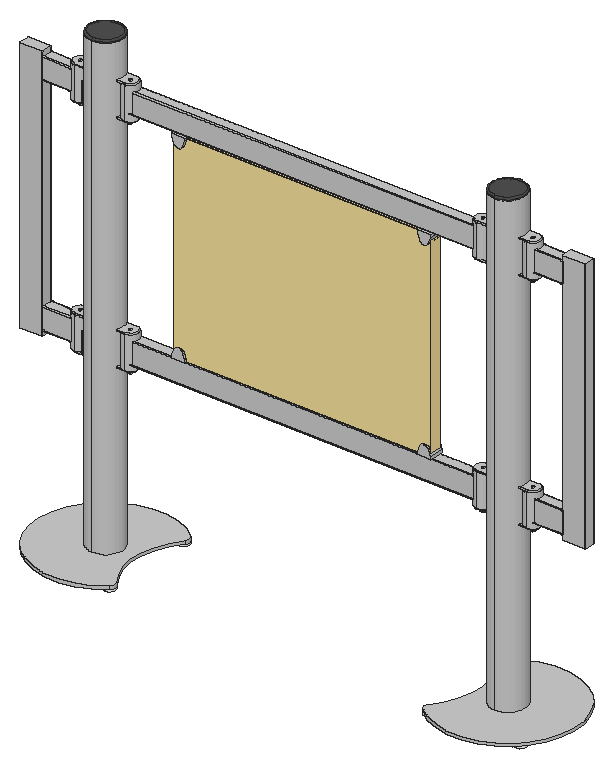
Revit family "PQR-341-PNL", category Furniture, Revit 2021
Family settings
  OmniClass Number = 23.40.20.00
  OmniClass Title = General Furniture and Specialties
  Work Plane-Based = No
  Always vertical = Yes
  Cut with Voids When Loaded = No
  Shared = No
  Room Calculation Point = No
Parameters
  W = 3' - 0"
  Frame [instance] = CEN_Frame_Metallic Silver Powdercoat (MS)
  Panel [instance] = Render Material 255-223-127
  Model = "PQR-341-PNL"
  End pieces on/off R [instance] = yes
  End pieces on/off L [instance] = yes
  Default Elevation = 0' - 0"
Reference planes (in)
  plane 1 "Center Front/Back": y = 0
  plane 2: z = 0
  plane 3 "Center Left/Right": x = 0
  plane 4: x = -18
  plane 5: x = 18
  plane 6: x = -11.5
  plane 7: x = 11.5
  plane 8: x = -15.5
  plane 9: x = 15.5
Forms (in)
  Extrusion 1, solid, material "CEN_Frame_Metallic Silver Powdercoat (MS)" <- "Frame"
    sketch origin (-23.29168, 0.50272, 36.0271) x (0, -1, 0) y (0, 0, 1)
      loop
        line (1, 0) -> (1, 1.78554)
        arc (1, 1.78554) -> (0.98091, 1.83163) -> (0.93482, 1.85072) r 0.06518
        line (0.93482, 1.85072) -> (0.06518, 1.85072)
        arc (0.06518, 1.85072) -> (0.01909, 1.83163) -> (0, 1.78554) r 0.06518
        line (0, 1.78554) -> (0, 0)
        arc (0, 0) -> (0.01909, -0.04609) -> (0.06518, -0.06518) r 0.06518
        line (0.06518, -0.06518) -> (0.93482, -0.06518)
        arc (0.93482, -0.06518) -> (0.98091, -0.04609) -> (1, 0) r 0.06518
      loop
        line (1, -20.08373) -> (1, -18.21446)
        arc (1, -18.21446) -> (0.98091, -18.16837) -> (0.93482, -18.14928) r 0.06518
        line (0.93482, -18.14928) -> (0.06518, -18.14928)
        arc (0.06518, -18.14928) -> (0.01909, -18.16837) -> (0, -18.21446) r 0.06518
        line (0, -18.21446) -> (0, -20.08373)
        arc (0, -20.08373) -> (0.01909, -20.12982) -> (0.06518, -20.14891) r 0.06518
        line (0.06518, -20.14891) -> (0.93482, -20.14891)
        arc (0.93482, -20.14891) -> (0.98091, -20.12982) -> (1, -20.08373) r 0.06518
    from -7.79168 to -38.79168
  Extrusion 2, solid, material "Render Material 255-223-127" <- "Panel"
    sketch origin (0, 0, 0) x (0, 1, 0) y (0, 0, 1)
      loop
        line (0.5, 17.96904) -> (0.5, 35.78154) -> (0.4375, 35.78154) -> (-0.4375, 35.78154) -> (-0.5, 35.78154) -> (-0.5, 17.96904) -> (-0.4375, 17.96904) -> (0.4375, 17.96904) -> (0.5, 17.96904)
    from -11.5 to 11.5
  Extrusion 3, solid, material "CEN_Frame_Metallic Silver Powdercoat (MS)" <- "Frame"
    sketch origin (0, 0, 0) x (1, 0, 0) y (0, 0, 1)
      loop
        line (-10.4145, 35.87529) -> (-11.5855, 35.87529) -> (-11.5855, 35.65654) -> (-11.41169, 35.17323)
        arc (-11.41169, 35.17323) -> (-11, 34.88379) -> (-10.58831, 35.17323) r 0.4375
        line (-10.58831, 35.17323) -> (-10.4145, 35.65654) -> (-10.4145, 35.87529)
    from -0.61497 to 0.61159
  Extrusion 4, solid, material "CEN_Frame_Metallic Silver Powdercoat (MS)" <- "Frame"
    sketch origin (0, 0, 0) x (-1, 0, 0) y (0, 0, -1)
      loop
        line (-10.4145, -35.87529) -> (-10.4145, -35.65654) -> (-10.58831, -35.17323)
        arc (-10.58831, -35.17323) -> (-11, -34.88379) -> (-11.41169, -35.17323) r 0.4375
        line (-11.41169, -35.17323) -> (-11.5855, -35.65654) -> (-11.5855, -35.87529) -> (-10.4145, -35.87529)
    from -0.61497 to 0.61159
  Extrusion 5, solid, material "CEN_Frame_Metallic Silver Powdercoat (MS)" <- "Frame"
    sketch origin (0, 0, 53.75058) x (1, 0, 0) y (0, 0, 1)
      loop
        line (-10.4145, -35.87529) -> (-10.4145, -35.65654) -> (-10.58831, -35.17323)
        arc (-10.58831, -35.17323) -> (-11, -34.88379) -> (-11.41169, -35.17323) r 0.4375
        line (-11.41169, -35.17323) -> (-11.5855, -35.65654) -> (-11.5855, -35.87529) -> (-10.4145, -35.87529)
    from -0.61497 to 0.61159
  Extrusion 6, solid, material "CEN_Frame_Metallic Silver Powdercoat (MS)" <- "Frame"
    sketch origin (0, 0, 53.75058) x (-1, 0, 0) y (0, 0, -1)
      loop
        line (-10.4145, 35.87529) -> (-11.5855, 35.87529) -> (-11.5855, 35.65654) -> (-11.41169, 35.17323)
        arc (-11.41169, 35.17323) -> (-11, 34.88379) -> (-10.58831, 35.17323) r 0.4375
        line (-10.58831, 35.17323) -> (-10.4145, 35.65654) -> (-10.4145, 35.87529)
    from -0.61497 to 0.61159
Dimensions and locks (in)
  equal spacing: plane 4, plane 3 "Center Left/Right", plane 5
  "W": plane 4 to plane 5
  locked: plane 7 to plane 5 at 6.5
  locked: plane 6 to plane 4 at 6.5
  locked: plane 4 to plane 8 at 2.5
  locked: plane 5 to plane 9 at 2.5
  aligned and locked: level to plane 2
  aligned and locked: plane 4 to nested 1
  aligned and locked: nested 2 to plane 5
  aligned and locked: Extrusion 2 to plane 6
  aligned and locked: Extrusion 2 to plane 7
  aligned and locked: plane 9 to Extrusion 1
  aligned and locked: Extrusion 1 to plane 8
Automatic sketch dimensions
  Extrusion 1 sketch curve to Extrusion 1 sketch curve = 0' - 0.06518"  (x6)
  plane 1 "Center Front/Back" to Extrusion 2 sketch curve = 0' - 0 1/2"
  Extrusion 2 sketch curve to Extrusion 2 sketch curve = 0' - 0 1/16"  (x3)
  Extrusion 2 sketch curve to plane 1 "Center Front/Back" = 0' - 0 7/16"  (x2)
  level to Extrusion 2 sketch curve = 1' - 5.96904"
  Extrusion 2 sketch curve to Extrusion 2 sketch curve = 1' - 5 13/16"
  Extrusion 1 sketch curve to plane 1 "Center Front/Back" = 0' - 0.50272"  (x2)
  plane 1 "Center Front/Back" to Extrusion 1 sketch curve = 0' - 0.43209"  (x4)
  level to Extrusion 1 sketch curve = 1' - 3.87818"
  Extrusion 1 sketch curve to Extrusion 1 sketch curve = 0' - 1.86927"
  Extrusion 1 sketch curve to Extrusion 1 sketch curve = 1' - 6.08409"
  Extrusion 1 sketch curve to Extrusion 1 sketch curve = 0' - 1.78554"
  Extrusion 3 sketch curve to plane 6 = 0' - 0.0855"
  plane 6 to Extrusion 3 sketch curve = 0' - 0.08831"
  Extrusion 3 sketch curve to Extrusion 3 sketch curve = 0' - 0.41169"  (x2)
  Extrusion 3 sketch curve to Extrusion 3 sketch curve = 0' - 0.17381"
  level to Extrusion 3 sketch curve = 2' - 11.17323"
  Extrusion 3 sketch curve to Extrusion 3 sketch curve = 0' - 0.14806"
  Extrusion 3 sketch curve to Extrusion 3 sketch curve = 0' - 0.48331"  (x2)
  Extrusion 3 sketch curve to Extrusion 3 sketch curve = 0' - 0 7/32"
  Extrusion 4 sketch curve to plane 7 = 0' - 0.0855"
  plane 7 to Extrusion 4 sketch curve = 0' - 0.08831"
  Extrusion 4 sketch curve to Extrusion 4 sketch curve = 0' - 0.41169"  (x2)
  Extrusion 4 sketch curve to Extrusion 4 sketch curve = 0' - 0.17381"
  level to Extrusion 4 sketch curve = 2' - 11.87529"
  Extrusion 4 sketch curve to Extrusion 4 sketch curve = 0' - 0 7/32"  (x2)
  Extrusion 4 sketch curve to Extrusion 4 sketch curve = 0' - 0.33525"
  Extrusion 4 sketch curve to Extrusion 4 sketch curve = 0' - 0.14806"
  Extrusion 5 sketch curve to plane 6 = 0' - 0.0855"
  plane 6 to Extrusion 5 sketch curve = 0' - 0.08831"
  Extrusion 5 sketch curve to Extrusion 5 sketch curve = 0' - 0.41169"  (x2)
  Extrusion 5 sketch curve to Extrusion 5 sketch curve = 0' - 0.17381"
  level to Extrusion 5 sketch curve = 1' - 5.87529"
  Extrusion 5 sketch curve to Extrusion 5 sketch curve = 0' - 0 7/32"  (x2)
  Extrusion 5 sketch curve to Extrusion 5 sketch curve = 0' - 0.33525"
  Extrusion 5 sketch curve to Extrusion 5 sketch curve = 0' - 0.14806"
  Extrusion 6 sketch curve to plane 7 = 0' - 0.0855"
  plane 7 to Extrusion 6 sketch curve = 0' - 0.08831"
  Extrusion 6 sketch curve to Extrusion 6 sketch curve = 0' - 0.41169"  (x2)
  Extrusion 6 sketch curve to Extrusion 6 sketch curve = 0' - 0.17381"
  level to Extrusion 6 sketch curve = 1' - 6.57735"
  Extrusion 6 sketch curve to Extrusion 6 sketch curve = 0' - 0.14806"
  Extrusion 6 sketch curve to Extrusion 6 sketch curve = 0' - 0.48331"  (x2)
  Extrusion 6 sketch curve to Extrusion 6 sketch curve = 0' - 0 7/32"
Nested families (in)
  nested 1: "PQR-341-post " at (-18, 0, 0) x (0, 1, 0) z (0, 0, 1), END KIT <- "End pieces on/off L", type "PQR-341-post "
  nested 2: "PQR-341-post " at (18, 0, 0) x (0, 1, 0) z (0, 0, 1), END KIT <- "End pieces on/off R", type "PQR-341-post "
Definition of nested family "PQR-341-post "
  Parameters (values of type "PQR-341-post ")
    plastic button = none
    Post = none
    END KIT [instance] = no
    Default Elevation = 0' - 0"
  Types (2): name
    PQR-341-post
    NOT END KIT
  Reference planes (in)
    plane 1 "Center Front/Back": y = 0
    plane 2: z = 0
    plane 3 "Center Left/Right": x = 0
    plane 4: z = 41.62154
    plane 5: z = 41.43404
    plane 6: z = 38.43918
    plane 7: z = 35.46343
    plane 8: z = 38.31958
    plane 9: z = 35.34626
    plane 10: z = 35.0779
    plane 11: z = 34.93741
    plane 12: z = 18.43657
    plane 13: z = 18.31697
    plane 14: z = 38.28685
    plane 15: z = 15.46357
    plane 16: z = 37.79482
    plane 17: z = 17.87782
    plane 18: z = 15.87818
  Forms (in)
    Extrusion 1, solid, material <- "Post"
      sketch origin (-0.02853, -0.08679, 0) x (1, 0, 0) y (0, 1, 0)
        loop
          arc (-3.79412, 4.14027) -> (-4.14981, 4.24664) -> (-4.48079, 4.07846) r 0.5
          arc (-4.48079, 4.07846) -> (0.03357, -5.88186) -> (4.53637, 4.0837) r 6.00161
          arc (4.53637, 4.0837) -> (4.20519, 4.25149) -> (3.84963, 4.14471) r 0.5
          arc (3.84963, 4.14471) -> (0.02853, 2.80874) -> (-3.79412, 4.14027) r 6.14269
      from 0.18657 to 0.43657
    Extrusion 2, solid, material <- "plastic button"
      sketch origin (0, 0, 0) x (1, 0, 0) y (0, 1, 0)
        loop
          circle (0, 0) r 1.5
      from 41.43404 to 41.62154
    Extrusion 3, solid, material <- "Post", visible <- "END KIT"
      sketch origin (0, 0, 0) x (1, 0, 0) y (0, 1, 0)
        loop
          circle (0.00169, -2.23449) r 0.6875
      from 35.46343 to 38.31958
    Extrusion 4, solid, material <- "Post"
      sketch origin (0, 0, 0) x (1, 0, 0) y (0, 1, 0)
        loop
          circle (0.00169, 2.23449) r 0.11265
        loop
          circle (0.00169, -2.23449) r 0.11265
        loop
          line (0.61497, -2.23449) -> (0.61497, 2.23449)
          arc (0.61497, 2.23449) -> (0.00169, 2.84777) -> (-0.61159, 2.23449) r 0.61328
          line (-0.61159, 2.23449) -> (-0.61159, -2.23449)
          arc (-0.61159, -2.23449) -> (0.00169, -2.84777) -> (0.61497, -2.23449) r 0.61328
      from 38.31958 to 38.43918
    Extrusion 5, solid, material <- "Post"
      sketch origin (0, 0, 0) x (1, 0, 0) y (0, 1, 0)
        loop
          circle (0.00169, 2.23449) r 0.11265
        loop
          circle (0.00169, -2.23449) r 0.11265
        loop
          line (0.61497, -2.23449) -> (0.61497, 2.23449)
          arc (0.61497, 2.23449) -> (0.00169, 2.84777) -> (-0.61159, 2.23449) r 0.61328
          line (-0.61159, 2.23449) -> (-0.61159, -2.23449)
          arc (-0.61159, -2.23449) -> (0.00169, -2.84777) -> (0.61497, -2.23449) r 0.61328
      from 35.34626 to 35.46343
    Extrusion 6, solid, material <- "Post"
      sketch origin (0, 0, 0) x (1, 0, 0) y (0, 1, 0)
        loop
          line (0.06349, 1.95369) -> (0.27562, 2.14947) -> (0.21213, 2.43108) -> (-0.06349, 2.5169) -> (-0.27562, 2.32111) -> (-0.21213, 2.0395) -> (0.06349, 1.95369)
        loop
          circle (0.00169, 2.23449) r 0.11265
      from 35.0779 to 35.34626
    Extrusion 7, solid, material <- "Post", visible <- "END KIT"
      sketch origin (0, 0, 0) x (1, 0, 0) y (0, 1, 0)
        loop
          circle (0.00169, -2.23449) r 0.11265
      from 34.93741 to 38.43918
    Sweep 8, void
      path in 3D
        loop
          arc (1.5, 0, 41.62154) -> (0, -1.5, 41.62154) -> (-1.5, 0, 41.62154) r 1.5
          arc (-1.5, 0, 41.62154) -> (0, 1.5, 41.62154) -> (1.5, 0, 41.62154) r 1.5
      profile origin (0, 1.5, 41.62154) x (0, 1, 0) y (0, 0, 1)
        loop
          line (0, -0.12486) -> (0.05983, -0.12486) -> (0.05983, 0) -> (-0.12486, 0)
          arc (-0.12486, 0) -> (-0.03657, -0.03657) -> (0, -0.12486) r 0.12486
    Extrusion 9, solid, material <- "Post"
      sketch origin (0, 0, 0) x (1, 0, 0) y (0, 1, 0)
        loop
          circle (0.00169, 2.23449) r 0.11265
      from 34.93741 to 38.43918
    Extrusion 10, solid, material <- "Post"
      sketch origin (0, 0, -20) x (1, 0, 0) y (0, 1, 0)
        loop
          circle (0.00169, 2.23449) r 0.11265
        loop
          circle (0.00169, -2.23449) r 0.11265
        loop
          line (0.61497, -2.23449) -> (0.61497, 2.23449)
          arc (0.61497, 2.23449) -> (0.00169, 2.84777) -> (-0.61159, 2.23449) r 0.61328
          line (-0.61159, 2.23449) -> (-0.61159, -2.23449)
          arc (-0.61159, -2.23449) -> (0.00169, -2.84777) -> (0.61497, -2.23449) r 0.61328
      from 38.31697 to 38.43657
    Extrusion 11, solid, material <- "Post"
      sketch origin (0, 0, -20) x (1, 0, 0) y (0, 1, 0)
        loop
          circle (0.00169, 2.23449) r 0.11265
        loop
          circle (0.00169, -2.23449) r 0.11265
        loop
          line (0.61497, -2.23449) -> (0.61497, 2.23449)
          arc (0.61497, 2.23449) -> (0.00169, 2.84777) -> (-0.61159, 2.23449) r 0.61328
          line (-0.61159, 2.23449) -> (-0.61159, -2.23449)
          arc (-0.61159, -2.23449) -> (0.00169, -2.84777) -> (0.61497, -2.23449) r 0.61328
      from 35.34365 to 35.46082
    Extrusion 12, solid, material <- "Post", visible <- "END KIT"
      sketch origin (0, 0, -20) x (1, 0, 0) y (0, 1, 0)
        loop
          circle (0.00169, -2.23449) r 0.11265
      from 34.9348 to 38.43657
    Extrusion 13, solid, material <- "Post"
      sketch origin (0, 0, -20) x (1, 0, 0) y (0, 1, 0)
        loop
          circle (0.00169, 2.23449) r 0.11265
      from 34.9348 to 38.43657
    Extrusion 14, solid
      sketch origin (-0.02853, -0.08679, 0) x (1, 0, 0) y (0, 1, 0)
        loop
          circle (-4.10805, 3.76384) r 0.48854
        loop
          circle (4.16511, 3.76384) r 0.48854
        loop
          circle (-3.62282, -3.98401) r 0.48854
        loop
          circle (3.67988, -3.98401) r 0.48854
      from 0 to 0.18657
    Extrusion 15, solid, material <- "Post"
      sketch origin (0, 0, 0) x (1, 0, 0) y (0, 1, 0)
        loop
          circle (0, 0) r 1.5
      from 0.43657 to 41.43404
    Extrusion 16, solid, material <- "Post", visible <- "END KIT"
      sketch origin (0, 0, 0) x (1, 0, 0) y (0, 1, 0)
        loop
          line (0.44955, -5.29168) -> (-0.44411, -5.29168)
          arc (-0.44411, -5.29168) -> (-0.4817, -5.30725) -> (-0.49728, -5.34485) r 0.05317
          line (-0.49728, -5.34485) -> (-0.49728, -7.23851)
          arc (-0.49728, -7.23851) -> (-0.4817, -7.27611) -> (-0.44411, -7.29168) r 0.05317
          line (-0.44411, -7.29168) -> (0.44955, -7.29168)
          arc (0.44955, -7.29168) -> (0.48715, -7.27611) -> (0.50272, -7.23851) r 0.05317
          line (0.50272, -7.23851) -> (0.50272, -5.34485)
          arc (0.50272, -5.34485) -> (0.48715, -5.30725) -> (0.44955, -5.29168) r 0.05317
      from 15.46357 to 38.28685
    Extrusion 17, solid, material <- "Post", visible <- "END KIT"
      sketch origin (0, 0, 0) x (1, 0, 0) y (0, 0, 1)
        loop
          line (-0.43209, 35.96191) -> (0.43754, 35.96191)
          arc (0.43754, 35.96191) -> (0.48363, 35.981) -> (0.50272, 36.0271) r 0.06518
          line (0.50272, 36.0271) -> (0.50272, 37.81264)
          arc (0.50272, 37.81264) -> (0.48363, 37.85873) -> (0.43754, 37.87782) r 0.06518
          line (0.43754, 37.87782) -> (-0.43209, 37.87782)
          arc (-0.43209, 37.87782) -> (-0.47818, 37.85873) -> (-0.49728, 37.81264) r 0.06518
          line (-0.49728, 37.81264) -> (-0.49728, 36.0271)
          arc (-0.49728, 36.0271) -> (-0.47818, 35.981) -> (-0.43209, 35.96191) r 0.06518
        loop
          line (-0.43209, 15.87818) -> (0.43754, 15.87818)
          arc (0.43754, 15.87818) -> (0.48363, 15.89727) -> (0.50272, 15.94336) r 0.06518
          line (0.50272, 15.94336) -> (0.50272, 17.81264)
          arc (0.50272, 17.81264) -> (0.48363, 17.85873) -> (0.43754, 17.87782) r 0.06518
          line (0.43754, 17.87782) -> (-0.43209, 17.87782)
          arc (-0.43209, 17.87782) -> (-0.47818, 17.85873) -> (-0.49728, 17.81264) r 0.06518
          line (-0.49728, 17.81264) -> (-0.49728, 15.94336)
          arc (-0.49728, 15.94336) -> (-0.47818, 15.89727) -> (-0.43209, 15.87818) r 0.06518
      from 2.63684 to 5.29168
    Extrusion 18, solid, material <- "Post"
      sketch origin (0, 0, 0) x (1, 0, 0) y (0, 1, 0)
        loop
          circle (0.00169, 2.23449) r 0.6875
      from 35.46343 to 38.31958
    Extrusion 19, solid, material <- "Post"
      sketch origin (0, 0, -20) x (1, 0, 0) y (0, 1, 0)
        loop
          circle (0.00169, 2.23449) r 0.6875
      from 35.46082 to 38.31697
    Extrusion 20, solid, material <- "Post", visible <- "END KIT"
      sketch origin (0, 0, -20) x (1, 0, 0) y (0, 1, 0)
        loop
          circle (0.00169, -2.23449) r 0.6875
      from 35.46082 to 38.31697
    Extrusion 21, solid, material <- "Post", visible <- "END KIT"
      sketch origin (0, 0, 0) x (1, 0, 0) y (0, 1, 0)
        loop
          line (0.06349, -1.95369) -> (-0.21213, -2.0395) -> (-0.27562, -2.32111) -> (-0.06349, -2.5169) -> (0.21213, -2.43108) -> (0.27562, -2.14947) -> (0.06349, -1.95369)
        loop
          circle (0.00169, -2.23449) r 0.11265
      from 35.0779 to 35.34626
    Extrusion 22, solid, material <- "Post"
      sketch origin (0, 0, -20.00261) x (1, 0, 0) y (0, 1, 0)
        loop
          line (0.06349, 1.95369) -> (0.27562, 2.14947) -> (0.21213, 2.43108) -> (-0.06349, 2.5169) -> (-0.27562, 2.32111) -> (-0.21213, 2.0395) -> (0.06349, 1.95369)
        loop
          circle (0.00169, 2.23449) r 0.11265
      from 35.0779 to 35.34626
    Extrusion 23, solid, material <- "Post", visible <- "END KIT"
      sketch origin (0, 0, -20.00261) x (1, 0, 0) y (0, 1, 0)
        loop
          line (0.06349, -1.95369) -> (-0.21213, -2.0395) -> (-0.27562, -2.32111) -> (-0.06349, -2.5169) -> (0.21213, -2.43108) -> (0.27562, -2.14947) -> (0.06349, -1.95369)
        loop
          circle (0.00169, -2.23449) r 0.11265
      from 35.0779 to 35.34626
  Cuts and joins
    Sweep 8 cuts Extrusion 2
    joined: Extrusion 3, Extrusion 17
  Lines and regions (in)
    sketch lines
      curve 1: arc (-1.5, 0, 41.62154) -> (0, 1.5, 41.62154) -> (1.5, 0, 41.62154) r 1.5
      curve 2: arc (1.5, 0, 41.62154) -> (0, -1.5, 41.62154) -> (-1.5, 0, 41.62154) r 1.5
  Dimensions and locks (in)
    plane 4 to level = 3' - 5.62154"
    locked: plane 4 to plane 5 at 0.1875
    plane 11 to plane 10 to plane 9 to plane 7 to plane 8 to plane 6 = 0' - 0.14049" locked, 0' - 0.26836" locked, 0' - 0 15/128" locked, 0' - 2.85615" locked, 0' - 0.1196" locked
    locked: plane 7 to plane 4 at 6.15811
    locked: plane 14 to plane 15 at 22.82328
    locked: plane 14 to plane 6 at 0.15234
    aligned and locked: level to plane 2
    aligned and locked: plane 4 to Extrusion 2
    aligned and locked: Extrusion 14 to level
    aligned and locked: plane 5 to cut or joined group of Extrusion 2, Sweep 8
    aligned and locked: Extrusion 15 to plane 5
    aligned and locked: plane 5 to Extrusion 15
    aligned and locked: plane 6 to Extrusion 4
    aligned and locked: plane 7 to Extrusion 3  (x2)
    aligned and locked: plane 8 to Extrusion 3
    aligned and locked: plane 11 to Extrusion 7  (x2)
    aligned and locked: plane 11 to Extrusion 9
    aligned and locked: plane 10 to Extrusion 6
    aligned and locked: Extrusion 6 to plane 10
    aligned and locked: plane 9 to Extrusion 5
    aligned and locked: Extrusion 6 to plane 9
    aligned and locked: Extrusion 5 to plane 9  (x2)
    aligned and locked: Extrusion 5 to plane 7
    aligned and locked: plane 7 to Extrusion 5
    aligned and locked: plane 8 to Extrusion 4
    aligned and locked: Extrusion 4 to Extrusion 9
    aligned and locked: Extrusion 7 to plane 6
    aligned and locked: plane 12 to Extrusion 10
    aligned and locked: plane 14 to Extrusion 16
    aligned and locked: plane 15 to Extrusion 16
